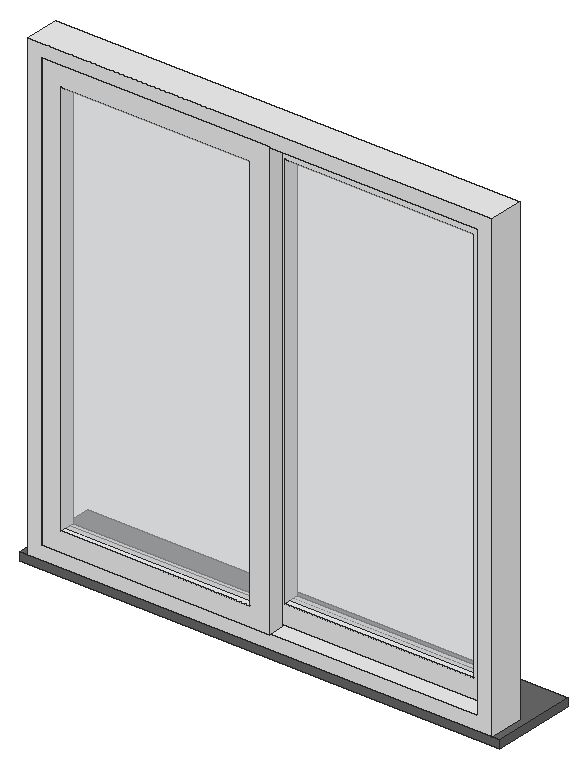
Revit family "Janela de correr 2 folhas", category Windows, host Wall, Revit 2016
Family settings
  Host = Wall
  OmniClass Number = 23.30.20.00
  OmniClass Title = Windows
  Always vertical = Yes
  Cut with Voids When Loaded = No
  Shared = No
  Room Calculation Point = No
Parameters (values of type "120 x 120 cm")
  Visual Light Transmittance = 0.9
  Thermal Resistance (R) = 0.271106 (m²·K)/W
  Solar Heat Gain Coefficient = 0.78
  Rough Width = 1200 mm
  Rough Height = 1200 mm
  PEITORIL = Pedra Granito escuro
  Largura da moldura do painel = 50 mm
  Espessura da moldura do painel = 40 mm
  Cost = 600
  Construction Type Id = "GSP4R"
  Height = Rough Height  # 1200 mm
  Heat Transfer Coefficient (U) = 3.6886 W/(m²·K)
  Vidro = vidro Verde
  Largura da estrutura = 35 mm
  Espessura da moldura = 2 * Espessura da moldura do painel + 10 mm  # 90 mm
  Material da estrutura = Alumínio escovado
  Altura-padrão do peitoril = 1000 mm
  Wall Closure = By host
  Width = Rough Width  # 1200 mm
  Analytic Construction = "Vidraça única Pilkington 1/8 pol"
Reference planes
  plane 1 "Centro (Frente/Trás)": y = 0
  plane 2 "Centro (Esquerda/Direita)": x = 0
  plane 3 "Esquerda": x = -600
  plane 4 "Direita": x = 600
  plane 5 "Peitoril": z = 1000
  plane 6 "Extremidade superior": z = 2200
  plane 7 "Exterior": y = 100
  plane 8 "Interior": y = -100
  plane 9: z = 0
  plane 10: y = -60
  plane 11: y = -50
  plane 12: y = -10
  plane 13: x = -25
  plane 14: x = 25
  plane 15: x = -550
  plane 16: x = 550
  plane 17: z = 2150
  plane 18: z = 1050
  plane 19: y = -80
  plane 20: y = -30
  plane 21: x = -565
  plane 22: x = 565
  plane 23: z = 2165
  plane 24: z = 2115
  plane 25: z = 1035
  plane 26: z = 1085
  plane 27: x = -515
  plane 28: x = 515
  plane 29: z = 1600
  plane 30: x = 300
  plane 31: x = -300
  plane 32: x = 162.5
  plane 33: x = 437.5
  plane 34: through (129.247, 265, 1580.801) normal (0.5, 0, -0.866)
  plane 35: through (345.753, 265, 1494.199) normal (-0.5, 0, -0.866)
  plane 36: x = -162.5
  plane 37: x = -437.5
  plane 38: through (-129.247, 265, 1580.801) normal (0.5, 0, 0.866)
  plane 39: through (-345.753, 265, 1494.199) normal (-0.5, 0, 0.866)
  plane 40: z = 980
  plane 41: y = 120
Forms (mm)
  Extrusion 1, solid, material "vidro Verde" <- "Vidro", detail levels medium
    sketch origin (-1027.613, -80, 1000) x (-1, 0, 0) y (0, 0, 1)
      loop
        line (-477.613, 1150) -> (-1002.613, 1150) -> (-1002.613, 50) -> (-477.613, 50) -> (-477.613, 1150)
    from -7 to 7
  Extrusion 2, solid, material "vidro Verde" <- "Vidro", detail levels medium
    sketch origin (-227.286, -30, 1000) x (-1, 0, 0) y (0, 0, 1)
      loop
        line (-252.286, 1150) -> (-777.286, 1150) -> (-777.286, 50) -> (-252.286, 50) -> (-252.286, 1150)
    from -7 to 7
  Extrusion 3, solid, material "vidro Verde" <- "Vidro", detail levels coarse
    sketch origin (-1027.613, -80, 1000) x (-1, 0, 0) y (0, 0, 1)
      loop
        line (-477.613, 1150) -> (-1002.613, 1150) -> (-1002.613, 50) -> (-477.613, 50) -> (-477.613, 1150)
    from -7 to 7
  Extrusion 4, solid, material "vidro Verde" <- "Vidro", detail levels coarse
    sketch origin (-227.286, -30, 1000) x (-1, 0, 0) y (0, 0, 1)
      loop
        line (-252.286, 1150) -> (-777.286, 1150) -> (-777.286, 50) -> (-252.286, 50) -> (-252.286, 1150)
    from -7 to 7
  Extrusion 5, solid, material "vidro Verde" <- "Vidro"
    sketch origin (-1027.613, -80, 1000) x (-1, 0, 0) y (0, 0, 1)
      loop
        line (-512.613, 1115) -> (-1002.613, 1115) -> (-1002.613, 85) -> (-512.613, 85) -> (-512.613, 1115)
    from -7 to 7
  Extrusion 6, solid, material "vidro Verde" <- "Vidro"
    sketch origin (-227.286, -30, 1000) x (-1, 0, 0) y (0, 0, 1)
      loop
        line (-252.286, 1115) -> (-742.286, 1115) -> (-742.286, 85) -> (-252.286, 85) -> (-252.286, 1115)
    from -7 to 7
  Sweep 7, solid, material "Alumínio escovado" <- "Material da estrutura"
    path origin (0, -100, 0) x (1, 0, 0) y (0, 0, 1)
      loop
        line (-600, 2200) -> (-600, 1000) -> (600, 1000) -> (600, 2200) -> (-600, 2200)
    profile origin (0, -100, 2200) x (0, 0, 1) y (0, -1, 0)
      loop
        line (0, 0) -> (-35, 0) -> (-35, -90) -> (0, -90) -> (0, 0)
  Sweep 8, solid, material "Alumínio escovado" <- "Material da estrutura"
    path origin (0, -100, 0) x (1, 0, 0) y (0, 0, 1)
      loop
        line (-565, 2165) -> (-565, 1035) -> (25, 1035) -> (25, 2165) -> (-565, 2165)
    profile origin (-270, -100, 2165) x (0, 0, 1) y (0, -1, 0)
      loop
        line (0, 0) -> (-50, 0) -> (-50, -40) -> (0, -40) -> (0, 0)
  Sweep 9, solid, material "Alumínio escovado" <- "Material da estrutura"
    path origin (-1027.613, -10, 1000) x (-1, 0, 0) y (0, 0, 1)
      loop
        line (-1592.613, 1165) -> (-1592.613, 35) -> (-1002.613, 35) -> (-1002.613, 1165) -> (-1592.613, 1165)
    profile origin (270, -10, 2165) x (0, 0, 1) y (0, 1, 0)
      loop
        line (0, 0) -> (-50, 0) -> (-50, -40) -> (0, -40) -> (0, 0)
  Extrusion 10, solid, material "Pedra Granito escuro" <- "PEITORIL"
    sketch origin (-5000, 100, 0) x (-1, 0, 0) y (0, 0, 1)
      loop
        line (-5620, 1000) -> (-5620, 980) -> (-4380, 980) -> (-4380, 1000) -> (-5620, 1000)
    from -200 to 20
Lines and regions (mm)
  Opening 1
    outline origin (3500, -100, 0) x (1, 0, 0) y (0, 0, 1)
      loop
        line (-2880, 980) -> (-2880, 1000) -> (-2900, 1000) -> (-2900, 2200) -> (-4100, 2200) -> (-4100, 1000) -> (-4120, 1000) -> (-4120, 980) -> (-2880, 980)
  symbolic lines, style "Seta"
    curve 1: line (162.5, -100, 1600) -> (437.5, -100, 1600)
    curve 2: line (162.5, -100, 1600) -> (240.442, -100, 1645)
    curve 3: line (162.5, -100, 1600) -> (240.442, -100, 1555)
    curve 4: line (-162.5, -100, 1600) -> (-437.5, -100, 1600)
    curve 5: line (-162.5, -100, 1600) -> (-240.442, -100, 1645)
    curve 6: line (-162.5, -100, 1600) -> (-240.442, -100, 1555)
  symbolic lines, style "Windows"
    curve 7: line (-600, -10, 0) -> (600, -10, 0)
    curve 8: line (-600, -50, 0) -> (-600, -10, 0)
    curve 9: line (600, -50, 0) -> (-600, -50, 0)
    curve 10: line (600, -10, 0) -> (600, -50, 0)
    curve 11: line (600, -60, 2200) -> (600, -30, 2200)
    curve 12: line (600, -60, 1000) -> (600, -60, 2200)
    curve 13: line (600, -30, 1000) -> (600, -60, 1000)
    curve 14: line (600, -30, 2200) -> (600, -30, 1000)
Text (mm)
  text "EXTERIOR" at (-1963.203, 1332.353, 0), in view "Nível de referência"
  text "INTERIOR" at (-1981.466, -818.386, 0), in view "Nível de referência"
  text "Exterior" at (0, 923.751, 2943.296), in view "Direita"
  text "Exterior" at (0, 1040.484, 2685.409), in view "Esquerda"
  text "Desenvolvido por Fernando Goes\n\ncontato: fernandogoes@outlook.com\n\ninstagram: @caradorevit" at (-646.547, -329.994, 409.193), in view "Vista 1"
Dimensions and locks
  equal spacing: plane 3 "Esquerda", plane 2 "Centro (Esquerda/Direita)", plane 4 "Direita"
  "Width": plane 3 "Esquerda" to plane 4 "Direita"
  "Height": plane 5 "Peitoril" to plane 6 "Extremidade superior"
  "Altura-padrão do peitoril": plane 5 "Peitoril" to level
  locked: plane 7 "Exterior" to host wall at 0
  locked: plane 8 "Interior" to host wall
  "Espessura da moldura do painel": plane 12 to plane 11
  "Espessura da moldura do painel": plane 10 to plane 8 "Interior"
  equal spacing: plane 13, plane 2 "Centro (Esquerda/Direita)", plane 14
  "Largura da moldura do painel": plane 13 to plane 14
  "Largura da moldura do painel": plane 3 "Esquerda" to plane 15
  "Largura da moldura do painel": plane 16 to plane 4 "Direita"
  "Largura da moldura do painel": plane 18 to plane 5 "Peitoril"
  "Largura da moldura do painel": plane 6 "Extremidade superior" to plane 17
  equal spacing: plane 12, plane 20, plane 11
  equal spacing: plane 10, plane 19, plane 8 "Interior"
  "Largura da estrutura": plane 3 "Esquerda" to plane 21
  "Largura da estrutura": plane 22 to plane 4 "Direita"
  locked: plane 11 to plane 10 at 10
  "Largura da estrutura": plane 23 to plane 6 "Extremidade superior"
  "Largura da moldura do painel": plane 24 to plane 23
  "Largura da estrutura": plane 5 "Peitoril" to plane 25
  "Largura da moldura do painel": plane 25 to plane 26
  "Largura da moldura do painel": plane 21 to plane 27
  "Largura da moldura do painel": plane 28 to plane 22
  equal spacing: plane 5 "Peitoril", plane 29, plane 6 "Extremidade superior"
  equal spacing: plane 2 "Centro (Esquerda/Direita)", plane 30, plane 4 "Direita"
  equal spacing: plane 3 "Esquerda", plane 31, plane 2 "Centro (Esquerda/Direita)"
  locked: plane 32 to plane 33 at 275
  equal spacing: plane 32, plane 30, plane 33
  locked: curve 2 to curve 3 at 90
  locked: curve 3 to curve 3 at 90
  locked: plane 36 to plane 37 at 275
  equal spacing: plane 36, plane 31, plane 37
  locked: curve 5 to curve 6 at 90
  locked: curve 6 to curve 6 at 90
  locked: plane 40 to plane 5 "Peitoril" at 20
  locked: Opening 1 sketch curve to plane 3 "Esquerda" at 20
  locked: plane 4 "Direita" to Opening 1 sketch curve at 20
  plane 7 "Exterior" to plane 41 = 20 mm
  locked: curve 7 to curve 9 at 40
  locked: plane 8 "Interior" to curve 9 at 50
  locked: plane 34 to plane 29 (angle 30.00°)
  locked: plane 29 to plane 35 (angle 30.00°)
  locked: plane 29 to plane 38 (angle 30.00°)
  locked: plane 39 to plane 29 (angle 30.00°)
  aligned and locked: level to plane 9
  aligned and locked: Sweep 7 sketch curve to host wall  (x4)
  aligned and locked: host wall to Sweep 7 sketch curve
  aligned and locked: plane 23 to Sweep 7 sketch curve
  aligned and locked: Sweep 7 sketch curve to plane 12
  aligned and locked: Sweep 8 sketch curve to Sweep 7  (x3)
  aligned and locked: Sweep 7 to Sweep 8 sketch curve
  aligned and locked: plane 25 to Sweep 8 sketch curve
  aligned and locked: Sweep 8 sketch curve to plane 14
  aligned and locked: plane 24 to Sweep 8 sketch curve
  aligned and locked: Sweep 8 sketch curve to plane 10
  aligned and locked: Sweep 9 sketch curve to Sweep 7  (x3)
  aligned and locked: Sweep 7 to Sweep 9 sketch curve
  aligned and locked: plane 25 to Sweep 9 sketch curve
  aligned and locked: Sweep 9 sketch curve to plane 13
  aligned and locked: plane 24 to Sweep 9 sketch curve
  aligned and locked: plane 11 to Sweep 9 sketch curve
  aligned and locked: plane 29 to curve 1
  aligned and locked: curve 3 to plane 35
  aligned and locked: plane 33 to curve 1
  aligned and locked: curve 4 to plane 29
  aligned and locked: curve 6 to plane 39
  aligned and locked: plane 37 to curve 4
  aligned and locked: Opening 1 sketch curve to plane 40
  aligned and locked: plane 5 "Peitoril" to Sweep 7 sketch curve
  aligned and locked: Opening 1 sketch curve to plane 5 "Peitoril"
  aligned and locked: plane 5 "Peitoril" to Opening 1 sketch curve
  aligned and locked: Extrusion 10 sketch curve to host wall  (x4)
  aligned and locked: plane 8 "Interior" to Extrusion 10
  aligned and locked: plane 41 to Extrusion 10
  aligned and locked: curve 8 to plane 3 "Esquerda"
  aligned and locked: plane 4 "Direita" to curve 10
  aligned and locked: curve 11 to plane 6 "Extremidade superior"
  aligned and locked: Sweep 7 to curve 13
  aligned and locked: plane 20 to curve 14
Automatic sketch dimensions
  Extrusion 1 sketch curve to plane 13 = 0 mm
  Extrusion 1 sketch curve to plane 15 = 0 mm
  Extrusion 1 sketch curve to plane 18 = 0 mm
  Extrusion 1 sketch curve to plane 17 = 0 mm
  Extrusion 2 sketch curve to plane 16 = 0 mm
  Extrusion 2 sketch curve to plane 14 = 0 mm
  Extrusion 2 sketch curve to plane 18 = 0 mm
  Extrusion 2 sketch curve to plane 17 = 0 mm
  plane 38 to curve 5 = 0 mm
  curve 2 to plane 34 = 0 mm
  Extrusion 3 sketch curve to plane 13 = 0 mm
  Extrusion 3 sketch curve to plane 15 = 0 mm
  Extrusion 3 sketch curve to plane 18 = 0 mm
  Extrusion 3 sketch curve to plane 17 = 0 mm
  Extrusion 4 sketch curve to plane 16 = 0 mm
  Extrusion 4 sketch curve to plane 14 = 0 mm
  Extrusion 4 sketch curve to plane 18 = 0 mm
  Extrusion 4 sketch curve to plane 17 = 0 mm
  Extrusion 5 sketch curve to plane 13 = 0 mm
  Extrusion 5 sketch curve to plane 26 = 0 mm
  Extrusion 5 sketch curve to plane 27 = 0 mm
  Extrusion 5 sketch curve to plane 24 = 0 mm
  Extrusion 6 sketch curve to plane 24 = 0 mm
  Extrusion 6 sketch curve to plane 28 = 0 mm
  Extrusion 6 sketch curve to plane 14 = 0 mm
  Extrusion 6 sketch curve to plane 26 = 0 mm
  Sweep 9 sketch curve to plane 12 = 40 mm
  plane 3 "Esquerda" to Opening 1 sketch curve = 0 mm
  Opening 1 sketch curve to plane 6 "Extremidade superior" = 0 mm
  plane 4 "Direita" to Opening 1 sketch curve = 0 mm
  curve 13 to plane 10 = 0 mm
